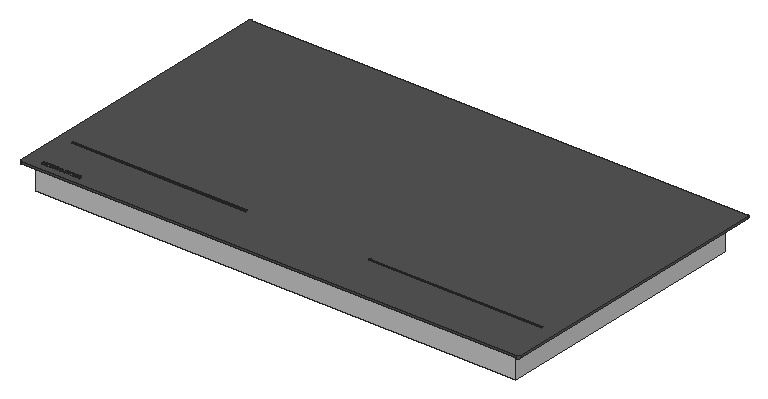
Revit family "FP_Revit_18_CI926DTB4_Cooktop_90001220B", category Specialty Equipment, Revit 2018
Family settings
  Round Connector Dimension = Use Diameter
  Part Type = Normal
  OmniClass Number = 23.40.40.14.17.11
  OmniClass Title = Cookers, Ovens, Stoves
  Work Plane-Based = No
  Always vertical = Yes
  Cut with Voids When Loaded = Yes
  Shared = No
  Room Calculation Point = No
Parameters
  Visibility - Clearance Required = yes
  URL = "www.fisherpaykel.com"
  Product - Width = 920 mm  # constant formula
  Product - Height = 85 mm  # constant formula
  Product - Depth = 530 mm  # constant formula
  Model = "CI926DTB4"
  Material - Graphics = Fisher & Paykel - Graphics Grey
  Material - Cooktop = Fisher & Paykel - Glass, Black
  Material - Body = Fisher & Paykel - Grey
  Manufacturer = "Fisher & Paykel Appliances"
  FFL Offset [instance] = 900 mm
  Description = "90cm Induction Cooktop"
  Connector Note - Electrical = "220-240 V, 48 A, or 380-415 V, 3 x 16 A, 50Hz"
  Clearance - Side of cooktop to nearest Combustible Surface = 15 mm  # constant formula
  Clearance - Rear of cooktop to nearest Combustible Surface = 13 mm  # constant formula
  Clearance - Overhead Rangehood = 650 mm  # constant formula
  Clearance - Below = 65 mm  # constant formula
  Chassis - Width = 884 mm  # constant formula
  Chassis - Height = 47 mm  # constant formula
  Chassis - Depth = 479 mm  # constant formula
  Cavity - Width = 890 mm  # constant formula
  Cavity - Height = 65 mm  # constant formula
  Cavity - Depth = 485 mm  # constant formula
Reference planes
  plane 1 "Datum": y = 0
  plane 2: z = 0
  plane 3 "Center (Left/Right)": x = 0
  plane 4 "Product LHS": x = -460
  plane 5 "Product RHS": x = 460
  plane 6 "Product - Depth": y = 530
  plane 7 "Cavity LHS": x = -445
  plane 8 "Cavity RHS": x = 445
  plane 9 "Cavity - Depth": y = 498
  plane 10 "Chassis Front": y = 16
  plane 11 "Chassis - Depth": y = 495
  plane 12 "Cavity - Front": y = 13
  plane 13 "Basepan": z = 853
  plane 14 "Benchtop": z = 900
  plane 15 "Glass": z = 904
Forms (mm)
  Extrusion 1, solid, material "Fisher & Paykel - Clearance Required (Cutout)", visible <- "Visibility - Clearance Required", detail levels coarse
    sketch origin (0, 24.768, 0) x (1, 0, 0) y (0, 1, 0)
      loop
        line (-445, 473.232) -> (-445, -11.768) -> (445, -11.768) -> (445, 473.232) -> (-445, 473.232)
    from 835 to 900
  Extrusion 2, solid, material "Fisher & Paykel - Clearance Required (Non-Combustible)", detail levels coarse
    sketch origin (0, 0, 0) x (1, 0, 0) y (0, 1, 0)
      loop
        line (-460, 0) -> (460, 0) -> (460, 530) -> (-460, 530) -> (-460, 0)
    from 904 to 1554
  Extrusion 3, solid, material "Fisher & Paykel - Grey" <- "Material - Body"
    sketch origin (0, 0, 0) x (0, 1, 0) y (0, 0, 1)
      loop
        line (495, 853) -> (495, 900) -> (16, 900) -> (16, 853) -> (495, 853)
    from -442 to 442
  Extrusion 4, solid, material "Fisher & Paykel - Graphics Grey" <- "Material - Graphics", detail levels fine
    sketch origin (0, 0, 0) x (1, 0, 0) y (0, 1, 0)
      loop
        line (-433, 89) -> (-433, 87) -> (-113, 87) -> (-113, 89) -> (-433, 89)
      loop
        line (433, 89) -> (113, 89) -> (113, 87) -> (433, 87) -> (433, 89)
    from 904 to 905
  Extrusion 5, solid, material "Fisher & Paykel - Glass, Black" <- "Material - Cooktop"
    sketch origin (0, 0, 0) x (1, 0, 0) y (0, 1, 0)
      loop
        arc (-455.5, 530) -> (-458.682, 528.682) -> (-460, 525.5) r 4.5
        line (-460, 525.5) -> (-460, 4.5)
        arc (-460, 4.5) -> (-458.682, 1.318) -> (-455.5, 0) r 4.5
        line (-455.5, 0) -> (455.5, 0)
        arc (455.5, 0) -> (458.682, 1.318) -> (460, 4.5) r 4.5
        line (460, 4.5) -> (460, 525.5)
        arc (460, 525.5) -> (458.682, 528.682) -> (455.5, 530) r 4.5
        line (455.5, 530) -> (-455.5, 530)
    from 900 to 904
  Extrusion 6, solid, material "Fisher & Paykel - Clearance Required (Combustible)", visible <- "Visibility - Clearance Required", detail levels coarse
    sketch origin (0, 0, 0) x (1, 0, 0) y (0, 1, 0)
      loop
        line (-460, 0) -> (-460, 530) -> (460, 530) -> (460, 0) -> (475, 0) -> (475, 543) -> (-475, 543) -> (-475, 0) -> (-460, 0)
    from 904 to 1354
  Extrusion 7, void
    sketch origin (0, 24.768, 0) x (1, 0, 0) y (0, 1, 0)
      loop
        line (-445, 473.232) -> (-445, -11.768) -> (445, -11.768) -> (445, 473.232) -> (-445, 473.232)
    from 835 to 900
  Extrusion 8, solid, material "Fisher & Paykel - Grey" <- "Material - Body"
    sketch origin (0, 0, 0) x (1, 0, 0) y (0, 1, 0)
      loop
        circle (348, 455.5) r 6
    from 850 to 853
  Extrusion 9, void
    sketch origin (0, 0, 904) x (0, -1, 0) y (1, 0, 0)
      loop
        line (-468.4, 183.5) -> (-425.2, 183.5) -> (-425.2, 320.2) -> (-468.4, 320.2) -> (-468.4, 183.5)
    from -51 to -50
  Extrusion 10, solid, material "Fisher & Paykel - Graphics Grey" <- "Material - Graphics", detail levels fine
    sketch origin (-394.001, 14.253, 904) x (1, 0, 0) y (0, 1, 0)
      loop
        line (-34.997, 0) -> (-33.895, 0) -> (-33.895, 1.496) -> (-32.174, 1.496) -> (-32.174, 2.431) -> (-33.895, 2.431) -> (-33.895, 3.298) -> (-32.023, 3.298) -> (-32.023, 4.228) -> (-34.997, 4.228) -> (-34.997, 0)
      loop
        line (-29.929, 4.228) -> (-29.929, 0) -> (-28.828, 0) -> (-28.828, 4.228) -> (-29.929, 4.228)
      loop
        line (-21.473, 4.228) -> (-21.473, 0) -> (-20.372, 0) -> (-20.372, 1.694) -> (-18.754, 1.694) -> (-18.754, 0) -> (-17.652, 0) -> (-17.652, 4.228) -> (-18.754, 4.228) -> (-18.754, 2.624) -> (-20.372, 2.624) -> (-20.372, 4.228) -> (-21.473, 4.228)
      loop
        line (-15.301, 4.228) -> (-15.301, 0) -> (-12.288, 0) -> (-12.288, 0.8) -> (-14.209, 0.8) -> (-14.209, 1.694) -> (-12.453, 1.694) -> (-12.453, 2.624) -> (-14.209, 2.624) -> (-14.209, 3.428) -> (-12.288, 3.428) -> (-12.288, 4.228) -> (-15.301, 4.228)
      loop
        line (32, 4.228) -> (32, 0) -> (35.003, 0) -> (35.003, 0.93) -> (33.102, 0.93) -> (33.102, 4.228) -> (32, 4.228)
      loop
        line (29.735, 4.228) -> (26.712, 4.228) -> (26.712, 0) -> (29.735, 0) -> (29.735, 0.8) -> (27.814, 0.8) -> (27.814, 1.694) -> (29.57, 1.694) -> (29.57, 2.624) -> (27.814, 2.624) -> (27.814, 3.428) -> (29.735, 3.428) -> (29.735, 4.228)
      loop
        line (23.449, 2.203) -> (25.012, 4.228) -> (23.724, 4.228) -> (22.374, 2.479) -> (22.374, 4.228) -> (21.273, 4.228) -> (21.273, 0) -> (22.374, 0) -> (22.374, 1.894) -> (23.765, 0) -> (25.067, 0) -> (23.449, 2.203)
      loop
        line (15.42, 4.228) -> (17.017, 1.694) -> (17.017, 0) -> (18.119, 0) -> (18.119, 1.639) -> (19.717, 4.228) -> (18.546, 4.228) -> (17.603, 2.595) -> (16.66, 4.228) -> (15.42, 4.228)
      loop
        line (12.969, 4.228) -> (11.922, 4.228) -> (10.2, 0) -> (11.282, 0) -> (11.585, 0.778) -> (13.278, 0.778) -> (13.581, 0) -> (14.69, 0) -> (12.969, 4.228)
      loop
        line (12.913, 1.708) -> (12.419, 2.922) -> (11.946, 1.708) -> (12.913, 1.708)
      loop
        line (5.656, 4.228) -> (5.656, 0) -> (6.757, 0) -> (6.757, 1.357) -> (7.557, 1.357)
        arc (7.557, 1.357) -> (8.993, 2.792) -> (7.557, 4.228) r 1.436
        line (7.557, 4.228) -> (5.656, 4.228)
      loop
        line (6.757, 2.238) -> (7.557, 2.238)
        arc (7.557, 2.238) -> (8.088, 2.768) -> (7.557, 3.298) r 0.53
        line (7.557, 3.298) -> (6.757, 3.298) -> (6.757, 2.238)
      loop
        line (-8.214, 4.228) -> (-10.023, 4.228) -> (-10.023, 0) -> (-9.058, 0) -> (-9.058, 0.8) -> (-8.258, 0.8) -> (-7.647, 0) -> (-6.373, 0) -> (-7.452, 1.381)
        arc (-7.452, 1.381) -> (-6.741, 3.097) -> (-8.214, 4.228) r 1.525
      loop
        line (-8.921, 3.298) -> (-8.921, 2.137) -> (-8.121, 2.137)
        arc (-8.121, 2.137) -> (-7.54, 2.718) -> (-8.121, 3.298) r 0.581
        line (-8.121, 3.298) -> (-8.921, 3.298)
      loop
        line (0.368, 3.298) -> (0.368, 4.307) -> (-2.553, 4.307) -> (-2.553, 3.499) -> (-2.048, 2.878)
        arc (-2.048, 2.878) -> (-2.424, 0.478) -> (0.002, 0.358) r 1.633
        line (0.002, 0.358) -> (0.495, -0.272) -> (1.765, -0.272) -> (0.636, 1.116) -> (1.613, 2.524) -> (0.481, 2.524) -> (0.025, 1.867) -> (-1.14, 3.298) -> (0.368, 3.298)
      loop
        arc (-1.454, 2.148) -> (-1.555, 1.167) -> (-0.574, 1.067) r 0.697
        line (-0.574, 1.067) -> (-1.454, 2.148)
      loop
        line (-24.593, 2.544) -> (-25.527, 2.737)
        arc (-25.527, 2.737) -> (-25.9, 3.11) -> (-25.527, 3.483) r 0.373
        arc (-25.527, 3.483) -> (-24.631, 3.353) -> (-23.808, 2.973) r 3.153
        line (-23.808, 2.973) -> (-23.808, 4.02)
        arc (-23.808, 4.02) -> (-24.851, 4.326) -> (-25.937, 4.276) r 3.308
        arc (-25.937, 4.276) -> (-26.941, 3.034) -> (-25.937, 1.792) r 1.27
        line (-25.937, 1.792) -> (-24.994, 1.597)
        arc (-24.994, 1.597) -> (-24.621, 1.224) -> (-24.994, 0.851) r 0.373
        arc (-24.994, 0.851) -> (-25.891, 0.981) -> (-26.714, 1.361) r 3.153
        line (-26.714, 1.361) -> (-26.714, 0.314)
        arc (-26.714, 0.314) -> (-25.671, 0.009) -> (-24.585, 0.058) r 3.308
        arc (-24.585, 0.058) -> (-23.58, 1.304) -> (-24.593, 2.544) r 1.27
    from 0 to 0.8
Cuts and joins
  Extrusion 9 cuts Extrusion 3
Lines and regions (mm)
  model lines, style "Fisher & Paykel"
    curve 1: line (-74.823, 136, 904) -> (75, 136, 904)
    curve 2: line (-74.823, 50, 904) -> (-74.823, 136, 904)
    curve 3: line (75, 50, 904) -> (-74.823, 50, 904)
    curve 4: line (75, 136, 904) -> (75, 50, 904)
  model lines, style "Fisher & Paykel", not visible
    curve 5: line (-74.823, 136, 904) -> (75, 136, 904)
    curve 6: line (-74.823, 50, 904) -> (-74.823, 136, 904)
    curve 7: line (75, 50, 904) -> (-74.823, 50, 904)
    curve 8: line (75, 136, 904) -> (75, 50, 904)
Text (mm)
  text "Due to ongoing product development, product details are subject to change without notice. \nPlease always refer to www.fisherpaykel.com for the most current product information. \n© Fisher & Paykel 2020" at (41.04, -102.478, 0), in view "Ref. Level (Plan)"
Dimensions and locks
  equal spacing: plane 4 "Product LHS", plane 3 "Center (Left/Right)", plane 5 "Product RHS"
  "Product - Width": plane 4 "Product LHS" to plane 5 "Product RHS"
  equal spacing: plane 7 "Cavity LHS", plane 3 "Center (Left/Right)", plane 8 "Cavity RHS"
  "Cavity - Width": plane 7 "Cavity LHS" to plane 8 "Cavity RHS"
  equal spacing: Extrusion 3, plane 3 "Center (Left/Right)", Extrusion 3
  "Chassis - Width": Extrusion 3 to Extrusion 3
  locked: plane 1 "Datum" to plane 10 "Chassis Front" at 16
  plane 10 "Chassis Front" to plane 12 "Cavity - Front" = 3 mm
  "Cavity - Depth": plane 9 "Cavity - Depth" to plane 12 "Cavity - Front"
  "Chassis - Depth": plane 11 "Chassis - Depth" to plane 10 "Chassis Front"
  locked: plane 15 "Glass" to plane 14 "Benchtop" at 4
  "FFL Offset": plane 14 "Benchtop" to level
  "Clearance - Overhead Rangehood": Extrusion 2 to plane 15 "Glass"
  plane 9 "Cavity - Depth" to plane 11 "Chassis - Depth" = 3 mm
  "Clearance - Below": Extrusion 1 to plane 14 "Benchtop"
  equal spacing: Extrusion 6 sketch curve, plane 3 "Center (Left/Right)", Extrusion 6 sketch curve  (x2)
  locked: Extrusion 6 to plane 15 "Glass" at 450
  "Product - Depth": plane 6 "Product - Depth" to plane 1 "Datum"
  locked: Extrusion 9 to plane 13 "Basepan" at 1
  Extrusion 10 sketch curve to Extrusion 10 sketch curve = 70 mm
  locked: Extrusion 6 to Extrusion 4 at 1
  locked: Extrusion 10 to plane 15 "Glass" at 0.8
  locked: plane 13 "Basepan" to Extrusion 8 at 3
  "Clearance - Rear of cooktop to nearest Combustible Surface": Extrusion 6 to plane 6 "Product - Depth"
  "Clearance - Side of cooktop to nearest Combustible Surface": plane 5 "Product RHS" to Extrusion 6
  "Clearance - Side of cooktop to nearest Combustible Surface": Extrusion 6 to plane 4 "Product LHS"
  "Chassis - Height": plane 14 "Benchtop" to plane 13 "Basepan"
  aligned and locked: level to plane 2
  aligned and locked: Extrusion 1 to plane 9 "Cavity - Depth"
  aligned and locked: plane 11 "Chassis - Depth" to Extrusion 3
  aligned and locked: Extrusion 3 to plane 13 "Basepan"
  aligned and locked: plane 6 "Product - Depth" to Extrusion 5
  aligned and locked: plane 15 "Glass" to Extrusion 5
  aligned and locked: plane 4 "Product LHS" to Extrusion 5
  aligned and locked: plane 6 "Product - Depth" to Extrusion 2
  aligned and locked: Extrusion 6 sketch curve to plane 4 "Product LHS"
  aligned and locked: Extrusion 6 to plane 15 "Glass"
  aligned and locked: Extrusion 2 to plane 15 "Glass"
  aligned and locked: plane 14 "Benchtop" to Extrusion 1
  aligned and locked: Extrusion 2 to Extrusion 4
  aligned and locked: Extrusion 7 to Extrusion 1  (x2)
  aligned and locked: Extrusion 8 to Extrusion 3
  aligned and locked: Extrusion 9 to plane 13 "Basepan"
  aligned and locked: Extrusion 10 to plane 15 "Glass"
  aligned and locked: Extrusion 4 to plane 15 "Glass"
  aligned and locked: Extrusion 1 to Extrusion 7
  aligned and locked: Extrusion 5 to plane 14 "Benchtop"
  aligned and locked: plane 15 "Glass" to Extrusion 6
Automatic sketch dimensions
  Extrusion 1 sketch curve to plane 12 "Cavity - Front" = 0 mm
  plane 9 "Cavity - Depth" to Extrusion 1 sketch curve = 0 mm
  plane 7 "Cavity LHS" to Extrusion 1 sketch curve = 0 mm
  Extrusion 1 sketch curve to plane 8 "Cavity RHS" = 0 mm
  Extrusion 2 sketch curve to plane 4 "Product LHS" = 0 mm
  Extrusion 2 sketch curve to plane 5 "Product RHS" = 0 mm
  plane 1 "Datum" to Extrusion 2 sketch curve = 0 mm
  Extrusion 2 sketch curve to plane 6 "Product - Depth" = 0 mm
  Extrusion 3 sketch curve to plane 10 "Chassis Front" = 0 mm
  Extrusion 3 sketch curve to plane 11 "Chassis - Depth" = 0 mm
  Extrusion 3 sketch curve to plane 13 "Basepan" = 0 mm
  Extrusion 3 sketch curve to plane 14 "Benchtop" = 0 mm
  Extrusion 4 sketch curve to plane 7 "Cavity LHS" = 12 mm
  Extrusion 4 sketch curve to plane 3 "Center (Left/Right)" = 113 mm
  plane 3 "Center (Left/Right)" to Extrusion 4 sketch curve = 113 mm
  plane 8 "Cavity RHS" to Extrusion 4 sketch curve = 12 mm
  plane 10 "Chassis Front" to Extrusion 4 sketch curve = 71 mm  (x2)
  Extrusion 4 sketch curve to Extrusion 4 sketch curve = 2 mm  (x2)
  Extrusion 5 sketch curve to plane 4 "Product LHS" = 0 mm
  plane 1 "Datum" to Extrusion 5 sketch curve = 0 mm
  Extrusion 5 sketch curve to plane 6 "Product - Depth" = 0 mm
  Extrusion 5 sketch curve to plane 5 "Product RHS" = 0 mm
  Extrusion 5 sketch curve to plane 4 "Product LHS" = 4.5 mm  (x2)
  plane 5 "Product RHS" to Extrusion 5 sketch curve = 4.5 mm
  Extrusion 5 sketch curve to Extrusion 5 sketch curve = 4.5 mm
  plane 1 "Datum" to Extrusion 6 sketch curve = 0 mm  (x2)
  Extrusion 6 sketch curve to plane 6 "Product - Depth" = 0 mm
  plane 4 "Product LHS" to Extrusion 6 sketch curve = 15 mm
  plane 6 "Product - Depth" to Extrusion 6 sketch curve = 13 mm
  Extrusion 7 sketch curve to plane 12 "Cavity - Front" = 0 mm
  plane 9 "Cavity - Depth" to Extrusion 7 sketch curve = 0 mm
  plane 7 "Cavity LHS" to Extrusion 7 sketch curve = 0 mm
  Extrusion 7 sketch curve to plane 8 "Cavity RHS" = 0 mm
  Extrusion 8 sketch curve to plane 11 "Chassis - Depth" = 39.5 mm
  plane 8 "Cavity RHS" to Extrusion 8 sketch curve = 97 mm
  Extrusion 9 sketch curve to plane 11 "Chassis - Depth" = 26.6 mm
  Extrusion 9 sketch curve to Extrusion 9 sketch curve = 43.2 mm
  plane 3 "Center (Left/Right)" to Extrusion 9 sketch curve = 183.5 mm
  plane 8 "Cavity RHS" to Extrusion 9 sketch curve = 124.8 mm
  Extrusion 10 sketch curve to plane 7 "Cavity LHS" = 16.001 mm
  Extrusion 10 sketch curve to Extrusion 10 sketch curve = 1.102 mm  (x11)
  Extrusion 10 sketch curve to Extrusion 10 sketch curve = 1.721 mm
  Extrusion 10 sketch curve to Extrusion 10 sketch curve = 0.151 mm
  Extrusion 10 sketch curve to Extrusion 10 sketch curve = 2.093 mm
  Extrusion 10 sketch curve to Extrusion 10 sketch curve = 2.114 mm
  plane 10 "Chassis Front" to Extrusion 10 sketch curve = 0.046 mm
  Extrusion 10 sketch curve to Extrusion 10 sketch curve = 0.777 mm
  Extrusion 10 sketch curve to Extrusion 10 sketch curve = 0.265 mm
  Extrusion 10 sketch curve to Extrusion 10 sketch curve = 0.144 mm  (x2)
  Extrusion 10 sketch curve to Extrusion 10 sketch curve = 0.252 mm
  Extrusion 10 sketch curve to Extrusion 10 sketch curve = 0.281 mm
  Extrusion 10 sketch curve to Extrusion 10 sketch curve = 0.533 mm
  Extrusion 10 sketch curve to plane 10 "Chassis Front" = 0.15 mm
  Extrusion 10 sketch curve to Extrusion 10 sketch curve = 0 mm  (x18)
  plane 10 "Chassis Front" to Extrusion 10 sketch curve = 0.797 mm
  Extrusion 10 sketch curve to Extrusion 10 sketch curve = 0.935 mm
  Extrusion 10 sketch curve to Extrusion 10 sketch curve = 1.186 mm
  Extrusion 10 sketch curve to Extrusion 10 sketch curve = 2.334 mm
  Extrusion 10 sketch curve to Extrusion 10 sketch curve = 1.618 mm
  Extrusion 10 sketch curve to Extrusion 10 sketch curve = 2.351 mm
  Extrusion 10 sketch curve to Extrusion 10 sketch curve = 1.092 mm
  Extrusion 10 sketch curve to Extrusion 10 sketch curve = 1.756 mm  (x2)
  Extrusion 10 sketch curve to Extrusion 10 sketch curve = 0.165 mm  (x4)
  Extrusion 10 sketch curve to Extrusion 10 sketch curve = 2.265 mm  (x2)
  Extrusion 10 sketch curve to Extrusion 10 sketch curve = 0.965 mm
  Extrusion 10 sketch curve to Extrusion 10 sketch curve = 0.8 mm  (x8)
  Extrusion 10 sketch curve to Extrusion 10 sketch curve = 0.707 mm
  Extrusion 10 sketch curve to Extrusion 10 sketch curve = 0.093 mm
  Extrusion 10 sketch curve to plane 10 "Chassis Front" = 1.747 mm  (x4)
  Extrusion 10 sketch curve to Extrusion 10 sketch curve = 0.611 mm  (x2)
  Extrusion 10 sketch curve to plane 10 "Chassis Front" = 0.366 mm
  Extrusion 10 sketch curve to Extrusion 10 sketch curve = 0.805 mm
  Extrusion 10 sketch curve to Extrusion 10 sketch curve = 1.274 mm
  Extrusion 10 sketch curve to Extrusion 10 sketch curve = 5.568 mm
  plane 10 "Chassis Front" to Extrusion 10 sketch curve = 1.131 mm
  Extrusion 10 sketch curve to Extrusion 10 sketch curve = 0.505 mm
  plane 10 "Chassis Front" to Extrusion 10 sketch curve = 0.401 mm
  Extrusion 10 sketch curve to Extrusion 10 sketch curve = 0.594 mm
  Extrusion 10 sketch curve to Extrusion 10 sketch curve = 0.298 mm
  plane 10 "Chassis Front" to Extrusion 10 sketch curve = 1.551 mm
  Extrusion 10 sketch curve to Extrusion 10 sketch curve = 0.908 mm
  Extrusion 10 sketch curve to Extrusion 10 sketch curve = 0.142 mm
  Extrusion 10 sketch curve to plane 10 "Chassis Front" = 0.68 mm
  Extrusion 10 sketch curve to Extrusion 10 sketch curve = 0.44 mm
  Extrusion 10 sketch curve to plane 10 "Chassis Front" = 1.389 mm
  Extrusion 10 sketch curve to Extrusion 10 sketch curve = 0.577 mm
  plane 10 "Chassis Front" to Extrusion 10 sketch curve = 0.12 mm
  Extrusion 10 sketch curve to Extrusion 10 sketch curve = 0.599 mm
  Extrusion 10 sketch curve to Extrusion 10 sketch curve = 0.343 mm
  Extrusion 10 sketch curve to Extrusion 10 sketch curve = 0.113 mm
  Extrusion 10 sketch curve to Extrusion 10 sketch curve = 0.493 mm
  Extrusion 10 sketch curve to plane 10 "Chassis Front" = 0.631 mm
  Extrusion 10 sketch curve to Extrusion 10 sketch curve = 1.132 mm
  Extrusion 10 sketch curve to plane 10 "Chassis Front" = 2.019 mm
  Extrusion 10 sketch curve to Extrusion 10 sketch curve = 1.27 mm
  Extrusion 10 sketch curve to Extrusion 10 sketch curve = 3.89 mm
  Extrusion 10 sketch curve to Extrusion 10 sketch curve = 2.643 mm
  Extrusion 10 sketch curve to Extrusion 10 sketch curve = 1.081 mm
  Extrusion 10 sketch curve to plane 10 "Chassis Front" = 0.969 mm
  Extrusion 10 sketch curve to Extrusion 10 sketch curve = 0.303 mm  (x2)
  plane 10 "Chassis Front" to Extrusion 10 sketch curve = 2.481 mm  (x3)
  Extrusion 10 sketch curve to Extrusion 10 sketch curve = 0.337 mm
  Extrusion 10 sketch curve to Extrusion 10 sketch curve = 0.362 mm
  plane 10 "Chassis Front" to Extrusion 10 sketch curve = 1.175 mm
  Extrusion 10 sketch curve to Extrusion 10 sketch curve = 0.473 mm
  Extrusion 10 sketch curve to plane 10 "Chassis Front" = 0.039 mm
  Extrusion 10 sketch curve to Extrusion 10 sketch curve = 0.967 mm
  Extrusion 10 sketch curve to Extrusion 10 sketch curve = 1.047 mm  (x2)
  Extrusion 10 sketch curve to Extrusion 10 sketch curve = 0.365 mm
  Extrusion 10 sketch curve to Extrusion 10 sketch curve = 1.109 mm
  Extrusion 10 sketch curve to Extrusion 10 sketch curve = 2.451 mm
  Extrusion 10 sketch curve to Extrusion 10 sketch curve = 1.241 mm
  Extrusion 10 sketch curve to plane 10 "Chassis Front" = 0.053 mm
  Extrusion 10 sketch curve to Extrusion 10 sketch curve = 0.357 mm
  plane 10 "Chassis Front" to Extrusion 10 sketch curve = 0.848 mm
  Extrusion 10 sketch curve to Extrusion 10 sketch curve = 0.586 mm
  Extrusion 10 sketch curve to Extrusion 10 sketch curve = 1.886 mm
  Extrusion 10 sketch curve to Extrusion 10 sketch curve = 1.171 mm
  Extrusion 10 sketch curve to Extrusion 10 sketch curve = 3.154 mm
  plane 10 "Chassis Front" to Extrusion 10 sketch curve = 0.732 mm
  plane 10 "Chassis Front" to Extrusion 10 sketch curve = 0.147 mm
  plane 10 "Chassis Front" to Extrusion 10 sketch curve = 0.457 mm
  Extrusion 10 sketch curve to Extrusion 10 sketch curve = 1.075 mm
  Extrusion 10 sketch curve to Extrusion 10 sketch curve = 1.35 mm
  Extrusion 10 sketch curve to Extrusion 10 sketch curve = 1.391 mm
  Extrusion 10 sketch curve to Extrusion 10 sketch curve = 1.288 mm
  Extrusion 10 sketch curve to Extrusion 10 sketch curve = 1.302 mm
  Extrusion 10 sketch curve to Extrusion 10 sketch curve = 1.701 mm
  Extrusion 10 sketch curve to Extrusion 10 sketch curve = 1.792 mm
  Extrusion 10 sketch curve to Extrusion 10 sketch curve = 1.694 mm  (x2)
  Extrusion 10 sketch curve to Extrusion 10 sketch curve = 1.597 mm
  Extrusion 10 sketch curve to Extrusion 10 sketch curve = 1.478 mm
  Extrusion 10 sketch curve to Extrusion 10 sketch curve = 0.016 mm
  Extrusion 10 sketch curve to Extrusion 10 sketch curve = 0.93 mm  (x6)
  Extrusion 10 sketch curve to Extrusion 10 sketch curve = 0.556 mm
  Extrusion 10 sketch curve to Extrusion 10 sketch curve = 0.183 mm  (x2)
  Extrusion 10 sketch curve to Extrusion 10 sketch curve = 0.076 mm  (x2)
  Extrusion 10 sketch curve to Extrusion 10 sketch curve = 1.357 mm
  Extrusion 10 sketch curve to Extrusion 10 sketch curve = 0.431 mm
  Extrusion 10 sketch curve to Extrusion 10 sketch curve = 1.496 mm
  Extrusion 10 sketch curve to Extrusion 10 sketch curve = 0.956 mm
  Extrusion 10 sketch curve to Extrusion 10 sketch curve = 0.894 mm  (x2)
  Extrusion 10 sketch curve to Extrusion 10 sketch curve = 0.756 mm
  Extrusion 10 sketch curve to Extrusion 10 sketch curve = 0.881 mm
  Extrusion 10 sketch curve to Extrusion 10 sketch curve = 0.934 mm
  Extrusion 10 sketch curve to Extrusion 10 sketch curve = 0.774 mm
  Extrusion 10 sketch curve to Extrusion 10 sketch curve = 0.566 mm
  Extrusion 10 sketch curve to Extrusion 10 sketch curve = 0.015 mm
  Extrusion 10 sketch curve to Extrusion 10 sketch curve = 0.193 mm
  Extrusion 10 sketch curve to Extrusion 10 sketch curve = 0.53 mm
  Extrusion 10 sketch curve to Extrusion 10 sketch curve = 0.024 mm
  Extrusion 10 sketch curve to Extrusion 10 sketch curve = 0.43 mm
  Extrusion 10 sketch curve to Extrusion 10 sketch curve = 0.297 mm
  Extrusion 10 sketch curve to Extrusion 10 sketch curve = 0.868 mm
  Extrusion 10 sketch curve to Extrusion 10 sketch curve = 0.804 mm  (x2)
  Extrusion 10 sketch curve to Extrusion 10 sketch curve = 0.621 mm
  Extrusion 10 sketch curve to Extrusion 10 sketch curve = 0.521 mm
  Extrusion 10 sketch curve to Extrusion 10 sketch curve = 1.604 mm  (x2)
  Extrusion 10 sketch curve to Extrusion 10 sketch curve = 1.009 mm
  radius of Extrusion 8 sketch curve = 6 mm
Connectors
  electrical at (348, 455.5, 850), driven by "Connector Note - Electrical"
    settings: on Extrusion 8, index 1, voltage 230 V, apparent load 0 VA, apparent load phase1 0 VA, apparent load phase2 0 VA, apparent load phase3 0 VA, power factor 1, load classification "Other", number of poles 1, system type 30, power factor state 1, is connector primary yes, connector utility no, sub classification motor no, connector description "220-240 V, 48 A, or 380-415 V, 3 x 16 A, 50Hz"
